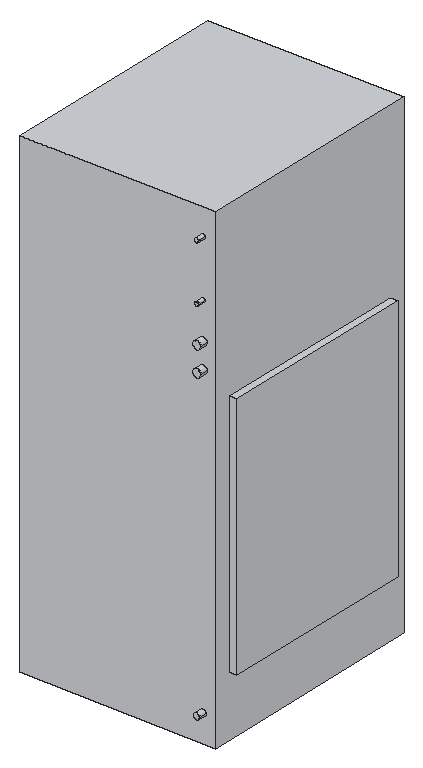
Revit family "6145a2941ba84a919e0e19b986a40994", category Mechanical Equipment, Revit 2021
Family settings
  Round Connector Dimension = Use Radius
  Part Type = Normal
  OmniClass Number = 23.75.10.21.17
  OmniClass Title = Water-Source Heat Pumps
  Seek Item ID = WSHP - Downflow - High Efficiency - 2-5 Tons - Right Return - Bottom Discharge-0000-USA-ENU
  Work Plane-Based = No
  Always vertical = Yes
  Cut with Voids When Loaded = No
  Shared = No
  Room Calculation Point = No
Parameters (values of type "5 Tons")
  Water Supply Radius = 1/2"
  Water Supply Diameter = Water Supply Radius * 2  # 1"
  Water Return Radius = 1/2"
  Water Return Diameter = Water Return Radius * 2  # 1"
  Water Pressure Drop [instance] = 3.60 psi
  Water Flow [instance] = 15 GPM
  Voltage = 208 V
  Supply Air Height = 12 115/128"
  Supply Air Width = 13 13/128"
  Return Air Width = 26 13/128"
  Return Air Height = 32 51/256"
  Pump Width = 2' - 6 77/128"
  Pump Material = none
  Pump Length = 2' - 1 51/128"
  Pump Height = 5' - 2 1/2"
  Number of Poles = 3
  Load Classification = Cooling
  Hot Water Supply Radius = 1/4"
  Hot Water Supply Diameter = Hot Water Supply Radius * 2  # 1/2"
  Hot Water Return Radius = 1/4"
  Hot Water Return Diameter = Hot Water Return Radius * 2  # 1/2"
  Hot Water Flow [instance] = 13 GPM
  Default Elevation = 0' - 0"
  Condensate Radius = 3/8"
  Drain Flow [instance] = 0 GPM
  Condensate Diameter = Condensate Radius * 2  # 3/4"
  C6 Offset 1 = 1' - 10 51/128"
  C5 Offset 2 = 0' - 9"
  C5 Offset 1 = 0' - 1 77/128"
  C4 Offset 1 = 0' - 10 205/256"
  C3 Offset 1 = 0' - 3 51/128"
  C2 Offset 1 = 1' - 3 77/128"
  C1 Offset 1 = 1' - 6 115/128"
  Apparent Load = 7696 VA
  External Static Pressure [instance] = 0.80 in-wg
  Air Flow [instance] = 2000 CFM
Types (5): name | Water Supply Radius | Water Supply Diameter | Water Return Radius | Water Return Diameter | Water Pressure Drop | Water Flow | Supply Air Height | Supply Air Width | Return Air Width | Return Air Height | Pump Width | Pump Length | Pump Height | Hot Water Flow | C6 Offset 1 | C5 Offset 2 | C5 Offset 1 | C4 Offset 1 | C3 Offset 1 | C2 Offset 1 | C1 Offset 1 | Apparent Load | External Static Pressure | Air Flow
  (no name) | 1/2" | 1" | 1/2" | 1" | 3.60 psi | 15 GPM | 12 115/128" | 13 13/128" | 26 13/128" | 32 51/256" | 2' - 6 77/128" | 2' - 1 51/128" | 5' - 2 1/2" | 13 GPM | 1' - 10 51/128" | 0' - 9" | 0' - 1 77/128" | 0' - 10 205/256" | 0' - 3 51/128" | 1' - 3 77/128" | 1' - 6 115/128" | 7696 VA | 0.80 in-wg | 2000 CFM
  2 Tons | 3/8" | 3/4" | 3/8" | 3/4" | 3.50 psi | 8 GPM | 9 13/128" | 9 115/128" | 21 13/128" | 28 51/256" | 2' - 1 77/128" | 1' - 10 51/128" | 4' - 4 1/2" | 5 GPM | 1' - 8 51/128" | 0' - 8 51/128" | 0' - 1 1/2" | 0' - 10" | 0' - 2 13/128" | 1' - 1 115/128" | 1' - 4 115/128" | 3952 VA | 0.60 in-wg | 800 CFM
  3 Tons | 3/8" | 3/4" | 3/8" | 3/4" | 4.50 psi | 9 GPM | 12 115/128" | 13 13/128" | 26 13/128" | 28 51/256" | 2' - 6 77/128" | 2' - 1 51/128" | 4' - 6 1/2" | 8 GPM | 1' - 10 51/128" | 0' - 9" | 0' - 1 77/128" | 0' - 10 205/256" | 0' - 3 51/128" | 1' - 3 77/128" | 1' - 6 115/128" | 5283 VA | 0.60 in-wg | 1200 CFM
  4 Tons | 1/2" | 1" | 1/2" | 1" | 3.60 psi | 12 GPM | 12 115/128" | 13 13/128" | 26 13/128" | 32 51/256" | 2' - 6 77/128" | 2' - 1 51/128" | 4' - 10 1/2" | 10 GPM | 1' - 10 51/128" | 0' - 9" | 0' - 1 77/128" | 0' - 10 205/256" | 0' - 3 51/128" | 1' - 3 77/128" | 1' - 6 115/128" | 6780 VA | 0.80 in-wg | 1600 CFM
  5 Tons | 1/2" | 1" | 1/2" | 1" | 3.60 psi | 15 GPM | 12 115/128" | 13 13/128" | 26 13/128" | 32 51/256" | 2' - 6 77/128" | 2' - 1 51/128" | 5' - 2 1/2" | 13 GPM | 1' - 10 51/128" | 0' - 9" | 0' - 1 77/128" | 0' - 10 205/256" | 0' - 3 51/128" | 1' - 3 77/128" | 1' - 6 115/128" | 7696 VA | 0.80 in-wg | 2000 CFM
Reference planes (in)
  plane 1 "Center (Front/Back)": y = 0
  plane 2: z = 0
  plane 3 "Center (Left/Right)": x = 0
  plane 4: x = 25.39844
  plane 5: y = 30.60156
  plane 6: z = 62.5
  plane 7: x = 10.69531
  plane 8: x = 23.79688
  plane 9: z = -1
  plane 10: z = 57.5
  plane 11: x = 1.6
  plane 12: x = 23.79844
  plane 13: z = 3.6
  plane 14: y = -1
  plane 15: z = 59.10156
  plane 16: z = 51.69922
  plane 17: z = 46.89844
  plane 18: z = 43.60156
  plane 19: y = 15.30078
  plane 20: y = 28.35156
  plane 21: y = 2.25
  plane 22: z = 40.10156
  plane 23: z = 7.90234
  plane 24: y = 5.37545
  plane 25: y = 21.60156
  plane 26: y = 8.70312
  plane 27: x = 26.39844
Forms (in)
  Extrusion 1, solid, material <- "Pump Material"
    sketch origin (0, 0, 0) x (1, 0, 0) y (0, 1, 0)
      loop
        line (0, 30.60156) -> (0, 0) -> (25.39844, 0) -> (25.39844, 30.60156) -> (0, 30.60156)
    from 0 to 62.5
  Extrusion 2, solid, material <- "Pump Material"
    sketch origin (0, 0, 0) x (1, 0, 0) y (0, 0, 1)
      loop
        circle (1.6, 57.5) r 1
    from -1 to 0
  Extrusion 3, solid, material <- "Pump Material"
    sketch origin (0, 0, 0) x (1, 0, 0) y (0, 0, 1)
      loop
        circle (23.79844, 3.6) r 0.375
    from 0 to 1
  Extrusion 4, solid, material <- "Pump Material"
    sketch origin (0, 0, 0) x (1, 0, 0) y (0, 0, 1)
      loop
        circle (23.79844, 59.10156) r 0.25
    from 0 to 1
  Extrusion 5, solid, material <- "Pump Material"
    sketch origin (0, 0, 0) x (1, 0, 0) y (0, 0, 1)
      loop
        circle (23.79844, 51.69922) r 0.25
    from 0 to 1
  Extrusion 6, solid, material <- "Pump Material"
    sketch origin (0, 0, 0) x (1, 0, 0) y (0, 0, 1)
      loop
        circle (23.79844, 46.89844) r 0.5
    from 0 to 1
  Extrusion 7, solid, material <- "Pump Material"
    sketch origin (0, 0, 0) x (1, 0, 0) y (0, 0, 1)
      loop
        circle (23.79844, 43.60156) r 0.5
    from 0 to 1
  Extrusion 8, solid, material <- "Pump Material"
    sketch origin (0, 0, 0) x (0, 1, 0) y (0, 0, 1)
      loop
        line (28.35156, 40.10156) -> (2.25, 40.10156) -> (2.25, 7.90234) -> (28.35156, 7.90234) -> (28.35156, 40.10156)
    from 25.39844 to 26.39844
  Extrusion 9, solid, material <- "Pump Material"
    sketch origin (0, 0, 0) x (1, 0, 0) y (0, 1, 0)
      loop
        line (10.69531, 8.70312) -> (23.79688, 8.70312) -> (23.79688, 21.60156) -> (10.69531, 21.60156) -> (10.69531, 8.70312)
    from -1 to 0
  Extrusion 10, solid, material <- "Pump Material"
    sketch origin (0, 0, 0) x (1, 0, 0) y (0, 0, 1)
      loop
        circle (1.6, 57.5) r 1
    from -1 to 0
Cuts and joins
  joined: Extrusion 1, Extrusion 2, Extrusion 3, Extrusion 4, Extrusion 5, Extrusion 6, Extrusion 7, Extrusion 8, Extrusion 9, Extrusion 10
Dimensions and locks (in)
  "Pump Width": plane 5 to plane 1 "Center (Front/Back)"
  "Pump Length": plane 3 "Center (Left/Right)" to plane 4
  "Pump Height": plane 6 to level
  "Supply Air Width": plane 7 to plane 8
  locked: level to plane 9 at 1
  locked: plane 11 to plane 3 "Center (Left/Right)" at 1.6
  locked: plane 6 to plane 10 at 5
  locked: plane 4 to plane 12 at 1.6
  locked: plane 13 to level at 3.6
  locked: plane 14 to plane 1 "Center (Front/Back)" at 1
  "C3 Offset 1": plane 6 to plane 15
  "C4 Offset 1": plane 6 to plane 16
  "C2 Offset 1": plane 6 to plane 17
  "C1 Offset 1": plane 6 to plane 18
  equal spacing: plane 20, plane 19, plane 21
  equal spacing: plane 5, plane 19, plane 1 "Center (Front/Back)"
  "Return Air Width": plane 20 to plane 21
  "C6 Offset 1": plane 6 to plane 22
  "Return Air Height": plane 22 to plane 23
  "C5 Offset 1": plane 8 to plane 4
  "C5 Offset 2": plane 5 to plane 25
  "Supply Air Height": plane 25 to plane 26
  locked: plane 4 to plane 27 at 1
  "Condensate Radius": radius of Extrusion 3 sketch curve
  "Hot Water Supply Radius": radius of Extrusion 4 sketch curve
  "Hot Water Return Radius": radius of Extrusion 5 sketch curve
  "Water Return Radius": radius of Extrusion 6 sketch curve
  "Water Supply Radius": radius of Extrusion 7 sketch curve
  aligned and locked: plane 3 "Center (Left/Right)" to Extrusion 1 sketch curve
  aligned and locked: Extrusion 1 sketch curve to plane 5
  aligned and locked: plane 1 "Center (Front/Back)" to Extrusion 1 sketch curve
  aligned and locked: Extrusion 1 sketch curve to plane 4
  aligned and locked: plane 6 to Extrusion 1
  aligned and locked: Extrusion 1 to level
  aligned and locked: plane 10 to Extrusion 2 sketch curve
  aligned and locked: plane 11 to Extrusion 2 sketch curve
  aligned and locked: plane 1 "Center (Front/Back)" to Extrusion 2
  aligned and locked: plane 13 to Extrusion 3 sketch curve
  aligned and locked: plane 12 to Extrusion 3 sketch curve
  aligned and locked: Extrusion 3 to plane 14
  aligned and locked: Extrusion 3 to plane 1 "Center (Front/Back)"
  aligned and locked: plane 15 to Extrusion 4 sketch curve
  aligned and locked: plane 12 to Extrusion 4 sketch curve
  aligned and locked: plane 16 to Extrusion 5 sketch curve
  aligned and locked: plane 12 to Extrusion 5 sketch curve
  aligned and locked: plane 12 to Extrusion 6 sketch curve
  aligned and locked: plane 17 to Extrusion 6 sketch curve
  aligned and locked: plane 12 to Extrusion 7 sketch curve
  aligned and locked: plane 18 to Extrusion 7 sketch curve
  aligned and locked: Extrusion 3 to Extrusion 4
  aligned and locked: Extrusion 4 to plane 1 "Center (Front/Back)"
  aligned and locked: Extrusion 6 to Extrusion 3
  aligned and locked: Extrusion 6 to plane 1 "Center (Front/Back)"
  aligned and locked: Extrusion 3 to Extrusion 5
  aligned and locked: Extrusion 5 to plane 1 "Center (Front/Back)"
  aligned and locked: Extrusion 7 to Extrusion 3
  aligned and locked: Extrusion 7 to plane 1 "Center (Front/Back)"
  aligned and locked: plane 20 to Extrusion 8 sketch curve
  aligned and locked: plane 22 to Extrusion 8 sketch curve
  aligned and locked: plane 23 to Extrusion 8 sketch curve
  aligned and locked: Extrusion 8 sketch curve to plane 21
  aligned and locked: plane 7 to Extrusion 9 sketch curve
  aligned and locked: Extrusion 9 sketch curve to plane 26
  aligned and locked: plane 25 to Extrusion 9 sketch curve
  aligned and locked: plane 8 to Extrusion 9 sketch curve
  aligned and locked: Extrusion 9 to plane 9
  aligned and locked: level to Extrusion 9
  aligned and locked: plane 10 to Extrusion 10 sketch curve
  aligned and locked: plane 11 to Extrusion 10 sketch curve
  aligned and locked: plane 1 "Center (Front/Back)" to Extrusion 10
  aligned and locked: plane 27 to Extrusion 8
  aligned and locked: Extrusion 8 to plane 4
Automatic sketch dimensions
  radius of Extrusion 2 sketch curve = 0' - 1"
  radius of Extrusion 10 sketch curve = 0' - 1"
Connectors (in)
  piping at (23.79844, -1, 43.60156), diameter 1, driven by "Water Flow", driven by "Water Supply Radius"
    settings: on Extrusion 7, index 1, connector inside diameter 1", connector length 0' - 0", flow factor 0, pipe flow 15 GPM, pressure drop 0.00 psi, fitting loss kfactor 0, connector angle 0.00°, fixture units 0, engagement length 0' - 0", angle of deflection 0.00°, flow configuration 1, flow direction 1, fitting loss method 0, system type 7, joint type 0, gender type 0, connector reference index 2, connector utility 0, adjustable connector no, is connector primary yes, connector description "Water Supply In"
  piping at (23.79844, -1, 46.89844), diameter 1, driven by "Water Flow", driven by "Water Return Radius", driven by "Water Pressure Drop"
    settings: on Extrusion 6, index 2, connector inside diameter 1", connector length 0' - 0", flow factor 0, pipe flow 15 GPM, pressure drop 3.60 psi, fitting loss kfactor 0, connector angle 0.00°, fixture units 0, engagement length 0' - 0", angle of deflection 0.00°, flow configuration 1, flow direction 2, fitting loss method 4, system type 8, joint type 0, gender type 0, connector reference index 1, connector utility 0, adjustable connector no, is connector primary no, connector description "Water Return Out"
  piping at (23.79844, -1, 59.10156), diameter 0.5, driven by "Hot Water Flow", driven by "Hot Water Supply Radius"
    settings: on Extrusion 4, index 3, connector inside diameter 1/2", connector length 0' - 0", flow factor 0, pipe flow 13 GPM, pressure drop 0.00 psi, fitting loss kfactor 0, connector angle 0.00°, fixture units 0, engagement length 0' - 0", angle of deflection 0.00°, flow configuration 0, flow direction 2, fitting loss method 0, system type 7, joint type 0, gender type 0, connector reference index 4, connector utility 0, adjustable connector no, is connector primary no, connector description "Hot Water Supply Out"
  piping at (23.79844, -1, 51.69922), diameter 0.5, driven by "Hot Water Flow", driven by "Hot Water Return Radius"
    settings: on Extrusion 5, index 4, connector inside diameter 1/2", connector length 0' - 0", flow factor 0, pipe flow 13 GPM, pressure drop 0.00 psi, fitting loss kfactor 0, connector angle 0.00°, fixture units 0, engagement length 0' - 0", angle of deflection 0.00°, flow configuration 0, flow direction 1, fitting loss method 0, system type 8, joint type 0, gender type 0, connector reference index 3, connector utility 0, adjustable connector no, is connector primary no, connector description "Hot Water Return In"
  hvac at (17.24609, 15.15234, -1), driven by "Air Flow", driven by "Supply Air Height", driven by "Supply Air Width"
    settings: on Extrusion 9, index 5, duct flow 2000 CFM, flow factor 0, pres drop 0.00 in-wg, loss coef 0, conn angle 0.00°, conn width 13 13/128", conn height 12 115/128", conn diameter 24", duct sys type 1, conn prof type 1, flow config 0, flow direction 2, loss method 0, conn ref index 6, conn util no, is conn primary yes, conn desc ""
  hvac at (26.39844, 15.30078, 24.00195), driven by "Air Flow", driven by "Return Air Height", driven by "Return Air Width"
    settings: on Extrusion 8, index 6, duct flow 2000 CFM, flow factor 0, pres drop 0.00 in-wg, loss coef 0, conn angle 0.00°, conn width 26 13/128", conn height 32 51/256", conn diameter 24", duct sys type 2, conn prof type 1, flow config 0, flow direction 1, loss method 0, conn ref index 5, conn util no, is conn primary no, conn desc ""
  piping at (23.79844, -1, 3.6), diameter 0.75, driven by "Drain Flow", driven by "Condensate Radius"
    settings: on cut or joined group 1 (Extrusion 1, Extrusion 2, Extrusion 3, Extrusion 4, Extrusion 5, Extrusion 6, Extrusion 7, Extrusion 8, Extrusion 9, Extrusion 10), index 7, connector inside diameter 3/4", connector length 0' - 0", flow factor 0, pipe flow 0 GPM, pressure drop 0.00 psi, fitting loss kfactor 0, connector angle 0.00°, fixture units 0, engagement length 0' - 0", angle of deflection 0.00°, flow configuration 1, flow direction 2, fitting loss method 0, system type 16, joint type 0, gender type 0, connector reference index -1, connector utility 0, adjustable connector yes, is connector primary no, connector description "Condensate Out"
  electrical at (1.6, 0, 47.5), driven by "Apparent Load", driven by "Voltage", driven by "Number of Poles", driven by "Load Classification"
    settings: on cut or joined group 1, index 8, voltage 208 V, apparent load 7696 VA, apparent load phase1 0 VA, apparent load phase2 0 VA, apparent load phase3 0 VA, power factor 0.8, load classification "Cooling", number of poles 3, system type 30, power factor state 1, is connector primary yes, connector utility no, sub classification motor no, connector description ""
